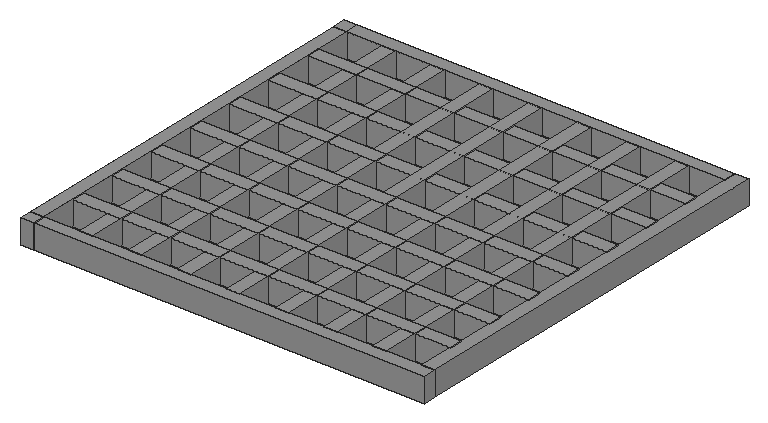
Revit family "6112-3", category Generic Models, host Ceiling, Revit 2023
Family settings
  Host = Ceiling
  Can host rebar = No
  Round Connector Dimension = Use Diameter
  Part Type = Normal
  Always vertical = Yes
  Cut with Voids When Loaded = No
  Maintain Annotation Orientation = No
  Shared = No
  Room Calculation Point = No
Parameters (values of type "6112-3")
  MEMBER THICKNESS [instance] = 0' - 0 3/4"
  Default Elevation = 0' - 0"
  Cube Depth [instance] = 0' - 1 3/8"  # constant formula
  CELL COUNT [instance] = 8  # constant formula
  .. Member Material [instance] = 9WOOD WALNUT
Types (3): name
  (no name)
  6112-3
  6113-3
Reference planes (in)
  plane 1 "Center (Front/Back)": y = 0
  plane 2 "Ceiling": z = 96
  plane 3 "Center (Left/Right)": x = 0
Dimensions and locks (in)
  equal spacing: host sketch curve, plane 3 "Center (Left/Right)", host sketch curve
  equal spacing: host sketch curve, plane 1 "Center (Front/Back)", host sketch curve
  host sketch curve to host sketch curve = 10' - 0"  (x2)
  aligned and locked: host ceiling to nested 1
Nested families (in)
  nested 1: "6100 Start" at (-406.11614, -294.13883, 72.37482), Actual Depth <- "Cube Depth", Member Material <- ".. Member Material", MEMBER COUNT <- "CELL COUNT", MEMBER THICKNESS <- "MEMBER THICKNESS", type "6100 Start"
    with W1 CALC 1' - 10 1/4", T1 1' - 9 1/2", Member Material 9WOOD WALNUT, MEMBER THICKNESS 0' - 0 3/4", MEMBER COUNT 8, D2 TYP 0' - 2 25/32", Actual Depth 0' - 1 3/8", .. Half Member Width 0' - 0 3/8"
Definition of nested family "6100 Start"
  Parameters (values of type "6100 Start")
    W1 CALC [instance] = 1' 9 1/2" + MEMBER THICKNESS  # 1' - 10 1/8"
    T1 [instance] = 1' - 9 1/2"  # constant formula
    Member Material [instance] = none
    .. Half Member Width [instance] = MEMBER THICKNESS / 2  # 0' - 0 5/16"
    Actual Depth [instance] = 0' - 2 1/4"
    MEMBER THICKNESS [instance] = 0' - 0 5/8"
    Default Elevation = 0' - 2 25/32"
    D2 TYP [instance] = (T1 + MEMBER THICKNESS) / MEMBER COUNT  # 0' - 5 17/32"
    MEMBER COUNT [instance] = 4
  Reference planes (in)
    plane 1 "Center (Front/Back)": y = 286.63756
    plane 2: z = 0
    plane 3 "Center (Left/Right)": x = 398.71958
    plane 4: y = 308.88756
    plane 5: x = 420.96958
    plane 6: x = 399.46958
    plane 7: y = 287.38756
    plane 8: x = 420.96958
    plane 9: x = 420.96958
    plane 10: z = 23.62518
    plane 11: x = 399.46958
    plane 12: y = 309.20006
    plane 13: y = 303.66881
    plane 14: x = 399.15708
    plane 15: x = 404.68833
  Dimensions and locks (in)
    "T1": plane 4 to plane 7
    "T1": plane 6 to plane 5
    ".. Half Member Width": plane 14 to plane 6
    ".. Half Member Width": plane 12 to plane 4
    "D2 TYP": plane 12 to plane 13
    "D2 TYP": plane 14 to plane 15
    equal spacing: group 1, group 3, group 4, group 7  (x2)
    equal spacing: group 7, group 4, group 3, group 1
    equal spacing: group 2, group 5, group 6, group 8
    equal spacing: group 8, group 6, group 5, group 2  (x2)
    aligned and locked: plane 2 to level
    aligned and locked: plane 4 to nested 1  (x2)
    aligned and locked: plane 5 to nested 2
    aligned and locked: plane 7 to nested 3
    aligned and locked: nested 3 to plane 6
    aligned and locked: nested 4 to plane 8
    aligned and locked: nested 4 to plane 7
    aligned and locked: nested 5 to plane 4
    aligned and locked: nested 5 to plane 9
    aligned and locked: plane 6 to nested 6
    aligned and locked: plane 4 to nested 6
    aligned and locked: plane 10 to nested 2
    aligned and locked: nested 5 to plane 10
    aligned and locked: nested 3 to plane 10
    aligned and locked: nested 6 to plane 10
    aligned and locked: nested 4 to plane 10
    aligned and locked: plane 11 to nested 6
    aligned and locked: plane 14 to nested 1
    aligned and locked: plane 15 to nested 7
    aligned and locked: nested 2 to plane 12
    aligned and locked: nested 9 to plane 13
    aligned and locked: plane 10 to nested 12
    aligned and locked: plane 10 to nested 11
    aligned and locked: plane 10 to nested 8
  Nested families (in)
    nested 1: "Only Box" at (399.15708, 298.13756, 21.37518), Width <- "MEMBER THICKNESS", Length <- "T1", Depth <- "Actual Depth", Material <- "Member Material", type "Only Box"
      with Width 0' - 0 5/8", Material none, Length 1' - 9 1/2", Depth 0' - 2 1/4"
    nested 2: "Only Box" at (410.21958, 309.20006, 21.37518), Length <- "MEMBER THICKNESS", Depth <- "Actual Depth", Material <- "Member Material", type "Only Box"
      with Width 1' - 9 1/2", Material none, Length 0' - 0 5/8", Depth 0' - 2 1/4"
    nested 3: "Only Box 2" at (438.46958, 259.37199, 23.62518) x (0, -1, 0) z (0, 0, 1), Depth <- "Actual Depth", Length <- "MEMBER THICKNESS", Material <- "Member Material", Width <- "W1 CALC", type "Only Box 2"
      with Width 1' - 10 1/8", Material none, Length 0' - 0 5/8", Depth 0' - 2 1/4"
    nested 4: "Only Box 2" at (448.98515, 326.38756, 23.62518), Depth <- "Actual Depth", Length <- "MEMBER THICKNESS", Material <- "Member Material", Width <- "W1 CALC", type "Only Box 2"
      with Width 1' - 10 1/8", Material none, Length 0' - 0 5/8", Depth 0' - 2 1/4"
    nested 5: "Only Box 2" at (381.96958, 336.90313, 23.62518) x (0, 1, 0) z (0, 0, 1), Depth <- "Actual Depth", Length <- "MEMBER THICKNESS", Material <- "Member Material", Width <- "W1 CALC", type "Only Box 2"
      with Width 1' - 10 1/8", Material none, Length 0' - 0 5/8", Depth 0' - 2 1/4"
    nested 6: "Only Box 2" at (371.45401, 269.88756, 23.62518) x (-1, 0, 0) z (0, 0, 1), Depth <- "Actual Depth", Length <- "MEMBER THICKNESS", Material <- "Member Material", Width <- "W1 CALC", type "Only Box 2"
      with Width 1' - 10 1/8", Material none, Length 0' - 0 5/8", Depth 0' - 2 1/4"
    nested 7: "Only Box" at (404.68833, 298.13756, 21.37518), Width <- "MEMBER THICKNESS", Length <- "T1", Depth <- "Actual Depth", Material <- "Member Material", type "Only Box"
      with Width 0' - 0 5/8", Material none, Length 1' - 9 1/2", Depth 0' - 2 1/4"
    nested 8: "Only Box" at (410.21958, 298.13756, 21.37518), Width <- "MEMBER THICKNESS", Length <- "T1", Depth <- "Actual Depth", Material <- "Member Material", type "Only Box"
      with Width 0' - 0 5/8", Material none, Length 1' - 9 1/2", Depth 0' - 2 1/4"
    nested 9: "Only Box" at (410.21958, 303.66881, 21.37518), Length <- "MEMBER THICKNESS", Depth <- "Actual Depth", Material <- "Member Material", type "Only Box"
      with Width 1' - 9 1/2", Material none, Length 0' - 0 5/8", Depth 0' - 2 1/4"
    nested 10: "Only Box" at (410.21958, 298.13756, 21.37518), Length <- "MEMBER THICKNESS", Depth <- "Actual Depth", Material <- "Member Material", type "Only Box"
      with Width 1' - 9 1/2", Material none, Length 0' - 0 5/8", Depth 0' - 2 1/4"
    nested 11: "Only Box" at (415.75083, 298.13756, 21.37518), Width <- "MEMBER THICKNESS", Length <- "T1", Depth <- "Actual Depth", Material <- "Member Material", type "Only Box"
      with Width 0' - 0 5/8", Material none, Length 1' - 9 1/2", Depth 0' - 2 1/4"
    nested 12: "Only Box" at (410.21958, 292.60631, 21.37518), Length <- "MEMBER THICKNESS", Depth <- "Actual Depth", Material <- "Member Material", type "Only Box"
      with Width 1' - 9 1/2", Material none, Length 0' - 0 5/8", Depth 0' - 2 1/4"
  Definition of nested family "Only Box"
    Parameters
      Width [instance] = 4' - 8.03114"
      Material [instance] = none
      Length [instance] = 6' - 6"
      Depth [instance] = 2' - 8"
      Default Elevation = 0' - 0"
    Reference planes (in)
      plane 1 "Center (Front/Back)": y = 0
      plane 2: z = 0
      plane 3 "Center (Left/Right)": x = 0
      plane 4: x = -28.01557
      plane 5: x = 28.01557
      plane 6: y = 39
      plane 7: y = -39
      plane 8: z = 32
    Forms (in)
      Extrusion 1, solid, material <- "Material"
        sketch origin (0, 0, 0) x (1, 0, 0) y (0, 1, 0)
          loop
            line (-28.01557, 39) -> (-28.01557, -39) -> (28.01557, -39) -> (28.01557, 39) -> (-28.01557, 39)
        from 0 to 32
    Dimensions and locks (in)
      equal spacing: plane 6, plane 1 "Center (Front/Back)", plane 7
      equal spacing: plane 4, plane 3 "Center (Left/Right)", plane 5
      "Width": plane 4 to plane 5
      "Length": plane 6 to plane 7
      "Depth": plane 8 to level
      aligned and locked: plane 2 to level
      aligned and locked: Extrusion 1 sketch curve to plane 6
      aligned and locked: plane 4 to Extrusion 1 sketch curve
      aligned and locked: plane 7 to Extrusion 1 sketch curve
      aligned and locked: Extrusion 1 sketch curve to plane 5
      aligned and locked: plane 8 to Extrusion 1
      aligned and locked: Extrusion 1 to level
  Definition of nested family "Only Box 2"
    Parameters (values of type "Only Box 2")
      Width [instance] = 4' - 8.03114"
      Material [instance] = none
      Length [instance] = 6' - 6"
      Depth [instance] = 2' - 8"
      Default Elevation = 0' - 0"
    Reference planes (in)
      plane 1 "Center (Front/Back)": y = 39
      plane 2: z = 0
      plane 3 "Center (Left/Right)": x = -28.01557
      plane 4: x = 49.98443
      plane 5: y = -17.03114
      plane 6: z = -32
      plane 7: x = 10.98443
      plane 8: y = 10.98443
    Forms (in)
      Extrusion 1, solid, material <- "Material"
        sketch origin (0, 0, 0) x (1, 0, 0) y (0, 1, 0)
          loop
            line (-28.01557, 39) -> (-28.01557, -17.03114) -> (49.98443, -17.03114) -> (49.98443, 39) -> (-28.01557, 39)
        from 0 to -32
    Dimensions and locks (in)
      "Length": plane 3 "Center (Left/Right)" to plane 4
      "Width": plane 5 to plane 1 "Center (Front/Back)"
      "Depth": level to plane 6
      equal spacing: plane 3 "Center (Left/Right)", plane 7, plane 4
      equal spacing: plane 1 "Center (Front/Back)", plane 8, plane 5
      aligned and locked: plane 2 to level
      aligned and locked: Extrusion 1 to level
      aligned and locked: Extrusion 1 to plane 3 "Center (Left/Right)"
      aligned and locked: Extrusion 1 to plane 1 "Center (Front/Back)"
      aligned and locked: plane 4 to Extrusion 1
      aligned and locked: Extrusion 1 to plane 5
      aligned and locked: Extrusion 1 to plane 6
    Automatic sketch dimensions
      Extrusion 1 sketch curve to plane 1 "Center (Front/Back)" = 0' - 0"
      plane 1 "Center (Front/Back)" to Extrusion 1 sketch curve = 4' - 8.03114"
      Extrusion 1 sketch curve to plane 3 "Center (Left/Right)" = 0' - 0"
      plane 3 "Center (Left/Right)" to Extrusion 1 sketch curve = 6' - 6"
